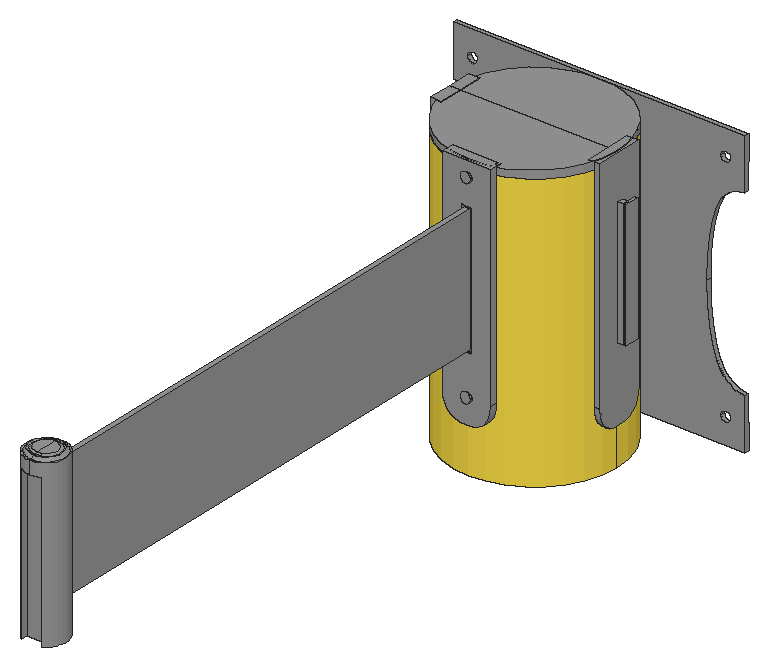
Revit family "DQMG0027", category Generic Models, Revit 2017
Family settings
  Can host rebar = No
  Round Connector Dimension = Use Diameter
  Part Type = Normal
  Work Plane-Based = No
  Always vertical = Yes
  Cut with Voids When Loaded = No
  Shared = No
  Room Calculation Point = No
Parameters
  Website = "https://dolphy.in/"  # constant formula
  Contact number = "+91 9520202035"  # constant formula
  Contact email = "info@dolphy.in"  # constant formula
  Company name = "Dolphy India"  # constant formula
Reference planes
  plane 1 "Center (Front/Back)": y = 0
  plane 2: z = 0
  plane 3 "Center (Left/Right)": x = 0
  plane 4 "A": y = -249
Forms (mm)
  Revolve 1, solid, material "Dolphy_GOLD"
    sketch origin (0, 0, 0) x (1, 0, 0) y (0, 0, 1)
      loop
        line (0, 0) -> (0, 109) -> (-32.5, 109) -> (-32.5, 0) -> (0, 0)
      axis (0, 109) -> (0, 0)
    angle from 0 to 360
  Extrusion 2, solid, material "Black"
    sketch origin (0, 0, 0) x (1, 0, 0) y (0, 0, 1)
      loop
        spline (-9.5, 28) -> (-9.434, 26.483) -> (-9.236, 25.097) -> (-8.906, 23.844) -> (-8.444, 22.722) -> (-7.851, 21.733) -> (-7.125, 20.875) -> (-6.267, 20.149) -> (-5.278, 19.556) -> (-4.156, 19.094) -> (-2.903, 18.764) -> (-1.517, 18.566) -> (0, 18.5)
        spline (0, 18.5) -> (1.517, 18.566) -> (2.903, 18.764) -> (4.156, 19.094) -> (5.278, 19.556) -> (6.267, 20.149) -> (7.125, 20.875) -> (7.851, 21.733) -> (8.444, 22.722) -> (8.906, 23.844) -> (9.236, 25.097) -> (9.434, 26.483) -> (9.5, 28)
        line (9.5, 28) -> (9.5, 112) -> (-9.5, 112) -> (-9.5, 28)
    from 28.36 to 33.5
  Extrusion 3, solid, material "Black"
    sketch origin (0, 0, 0) x (1, 0, 0) y (0, 0, 1)
      loop
        circle (0, 28.245) r 2
      loop
        circle (0, 106.17) r 2
    from 32 to 34
  Extrusion 4, void
    sketch origin (0, 0, 0) x (1, 0, 0) y (0, 0, 1)
      loop
        line (-2, 96) -> (-2, 44) -> (2, 44) -> (2, 96) -> (-2, 96)
    from 24.72 to 35.868
  Extrusion 5, solid, material "Gold"
    sketch origin (0, 0, 0) x (1, 0, 0) y (0, 0, 1)
      loop
        line (57.5, 112) -> (0, 112) -> (0, 0) -> (57.5, 0) -> (57.5, 20)
        spline (57.5, 20) -> (55.104, 20.25) -> (52.917, 21) -> (50.937, 22.25) -> (49.167, 24) -> (47.604, 26.25) -> (46.25, 29) -> (45.104, 32.25) -> (44.167, 36) -> (43.437, 40.25) -> (42.917, 45) -> (42.604, 50.25) -> (42.5, 56)
        spline (42.5, 56) -> (42.604, 61.75) -> (42.917, 67) -> (43.437, 71.75) -> (44.167, 76) -> (45.104, 79.75) -> (46.25, 83) -> (47.604, 85.75) -> (49.167, 88) -> (50.937, 89.75) -> (52.917, 91) -> (55.104, 91.75) -> (57.5, 92)
        line (57.5, 92) -> (57.5, 112)
    from -33.69 to -32.118
  Extrusion 6, void
    sketch origin (0, 0, 0) x (1, 0, 0) y (0, 0, 1)
      loop
        circle (50, 102) r 2
      loop
        circle (50, 10) r 2
    from -15.475 to -46.604
  Extrusion 7, solid, material "Gold"
    sketch origin (0, 0, 0) x (-1, 0, 0) y (0, 0, -1)
      loop
        line (57.5, -112) -> (57.5, -92)
        spline (57.5, -92) -> (55.104, -91.75) -> (52.917, -91) -> (50.937, -89.75) -> (49.167, -88) -> (47.604, -85.75) -> (46.25, -83) -> (45.104, -79.75) -> (44.167, -76) -> (43.437, -71.75) -> (42.917, -67) -> (42.604, -61.75) -> (42.5, -56)
        spline (42.5, -56) -> (42.604, -50.25) -> (42.917, -45) -> (43.437, -40.25) -> (44.167, -36) -> (45.104, -32.25) -> (46.25, -29) -> (47.604, -26.25) -> (49.167, -24) -> (50.937, -22.25) -> (52.917, -21) -> (55.104, -20.25) -> (57.5, -20)
        line (57.5, -20) -> (57.5, 0) -> (0, 0) -> (0, -112) -> (57.5, -112)
    from -33.69 to -32.118
  Extrusion 8, void
    sketch origin (0, 0, 0) x (-1, 0, 0) y (0, 0, -1)
      loop
        circle (50, -102) r 2
      loop
        circle (50, -10) r 2
    from -15.475 to -46.604
  Extrusion 9, solid, material "Black"
    sketch origin (0, 0, -3) x (0, 1, 0) y (0, 0, 1)
      loop
        line (9.5, 28) -> (9.5, 112) -> (-9.5, 112) -> (-9.5, 28)
        spline (-9.5, 28) -> (-9.434, 26.483) -> (-9.236, 25.097) -> (-8.906, 23.844) -> (-8.444, 22.722) -> (-7.851, 21.733) -> (-7.125, 20.875) -> (-6.267, 20.149) -> (-5.278, 19.556) -> (-4.156, 19.094) -> (-2.903, 18.764) -> (-1.517, 18.566) -> (0, 18.5)
        spline (0, 18.5) -> (1.517, 18.566) -> (2.903, 18.764) -> (4.156, 19.094) -> (5.278, 19.556) -> (6.267, 20.149) -> (7.125, 20.875) -> (7.851, 21.733) -> (8.444, 22.722) -> (8.906, 23.844) -> (9.236, 25.097) -> (9.434, 26.483) -> (9.5, 28)
    from -27.511 to -33.5
  Extrusion 10, solid, material "Black"
    sketch origin (0, 0, 0) x (0, 1, 0) y (0, 0, 1)
      loop
        line (9.5, 109) -> (9.5, 112) -> (0, 112) -> (-9.5, 112) -> (-9.5, 109) -> (9.5, 109)
    from -33.5 to -29.228
  Extrusion 11, solid, material "Black"
    sketch origin (0, 0, 0) x (0, 1, 0) y (0, 0, 1)
      loop
        line (-4.75, 95) -> (-4.75, 45) -> (4.75, 45) -> (4.75, 95) -> (-4.75, 95)
    from -33.5 to -31.5
  Extrusion 12, solid, material "Black"
    sketch origin (0, 0, 0) x (0, 1, 0) y (0, 0, 1)
      loop
        line (-1, 95) -> (-1, 45) -> (1, 45) -> (1, 95) -> (-1, 95)
    from -36 to -31.5
  Extrusion 13, solid, material "Black"
    sketch origin (0, 0, 0) x (0, 1, 0) y (0, 0, 1)
      loop
        line (4.75, 95) -> (-4.75, 95) -> (-4.75, 45) -> (4.75, 45) -> (4.75, 95)
    from -36 to -37
  Extrusion 14, solid, material "Black"
    sketch origin (0, 0, 0) x (0, 1, 0) y (0, 0, 1)
      loop
        line (-9.5, 112) -> (-9.5, 25)
        spline (-9.5, 25) -> (-9.434, 23.483) -> (-9.236, 22.097) -> (-8.906, 20.844) -> (-8.444, 19.722) -> (-7.851, 18.733) -> (-7.125, 17.875) -> (-6.267, 17.149) -> (-5.278, 16.556) -> (-4.156, 16.094) -> (-2.903, 15.764) -> (-1.517, 15.566) -> (0, 15.5)
        spline (0, 15.5) -> (1.517, 15.566) -> (2.903, 15.764) -> (4.156, 16.094) -> (5.278, 16.556) -> (6.267, 17.149) -> (7.125, 17.875) -> (7.851, 18.733) -> (8.444, 19.722) -> (8.906, 20.844) -> (9.236, 22.097) -> (9.434, 23.483) -> (9.5, 25)
        line (9.5, 25) -> (9.5, 112) -> (-9.5, 112)
    from 29 to 33.5
  Extrusion 15, solid, material "Black"
    sketch origin (0, 0, 0) x (0, 1, 0) y (0, 0, 1)
      loop
        line (-4.75, 95) -> (-4.75, 45) -> (4.75, 45) -> (4.75, 95) -> (-4.75, 95)
    from 32.5 to 33.5
  Extrusion 16, solid, material "Black"
    sketch origin (0, 0, 0) x (0, 1, 0) y (0, 0, 1)
      loop
        line (-1, 95) -> (-1, 45) -> (1, 45) -> (1, 95) -> (-1, 95)
    from 31.5 to 36
  Extrusion 17, solid, material "Black"
    sketch origin (0, 0, 0) x (0, 1, 0) y (0, 0, 1)
      loop
        line (-1, 95) -> (-1, 45) -> (4.75, 45) -> (4.75, 95) -> (-1, 95)
    from 37 to 36
  Extrusion 18, solid, material "Red"
    sketch origin (0, 0, 0) x (1, 0, 0) y (0, 0, 1)
      loop
        line (-1, 95) -> (-1, 45) -> (1, 45) -> (1, 95) -> (-1, 95)
    from 233 to 33
  Revolve 19, solid, material "Black"
    sketch origin (0, 0, 0) x (0, 1, 0) y (0, 0, 1)
      loop
        line (-241, 101.826) -> (-241, 35.5) -> (-233, 35.5) -> (-233, 100.5) -> (-233.8, 100.5) -> (-234.8, 101.5) -> (-235.646, 101.5) -> (-236.542, 101.826) -> (-241, 101.826)
      axis (-241, 101.826) -> (-241, 35.5)
    angle from 0 to 360
  Extrusion 20, void
    sketch origin (0, -249, 0) x (0, 0, 1) y (-1, 0, 0)
      loop
        line (35.5, 4) -> (35.5, 0) -> (35.5, -3.993) -> (95.5, -3.993) -> (95.5, 4) -> (35.5, 4)
    from 20.914 to -3.477
  Revolve 21, solid, material "Black"
    sketch origin (0, 0, 0) x (1, 0, 0) y (0, 0, 1)
      loop
        line (0, 109) -> (0, 112) -> (-32.5, 112) -> (-32.5, 109) -> (0, 109)
      axis (0, 112) -> (0, 109)
    angle from 0 to 360
Cuts and joins
  Extrusion 4 cuts Extrusion 2
  Extrusion 4 cuts Revolve 1
  Extrusion 6, Extrusion 8 cuts Extrusion 5
  Extrusion 8 cuts Extrusion 7
  joined: Extrusion 5, Extrusion 7
  Extrusion 20 cuts Revolve 19
  joined: Extrusion 9, Revolve 21
Dimensions and locks
  cut or joined group of Extrusion 5, Extrusion 6, Extrusion 7, Extrusion 8 to cut or joined group of Extrusion 5, Extrusion 6, Extrusion 7, Extrusion 8 = 112 mm
  Extrusion 18 sketch curve to Extrusion 18 sketch curve = 50 mm
  aligned and locked: level to plane 2
